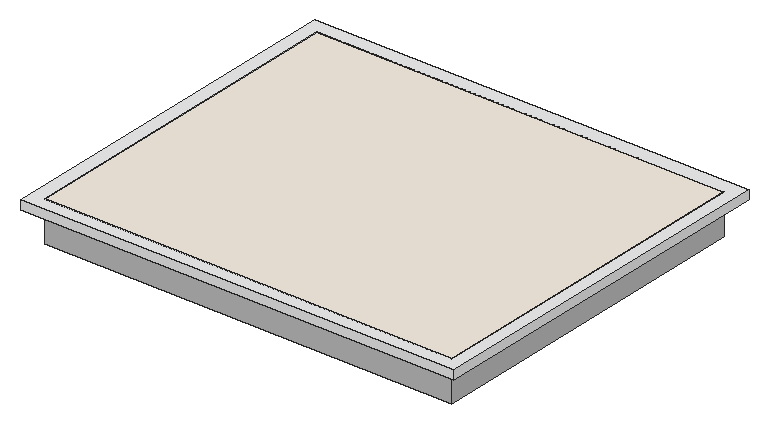
Revit family "Lighting-Industriale-GEWISS-ELIA-HL-LED_RIFLETTORE", category Apparecchi per illuminazione, host Superficie, Revit 2019 (continued)
Types (12, lengths in mm): name | Tensione | Scheda Tecnica | Potenza di sistema | Peso (kg): | Peso (kg) | Ottica | built-in parameter 1150142 | Lumen output (lm) | Modello | IDT | File diagramma fotometrico | Description
    9.22 2498.66 2401.49 \r\n2311.07 2224.04 2140.38 2060.11 1982.37 1908.01 1837.03 \r\n1768.59 1702.08 1638.20 1577.87 1519.56 1461.77 1405.91 \r\n1353.69 1303.33 1253.30 1204.13 1154.86 1107.29 1063.60 \r\n1022.28 981.97 943.53 907.78 873.73 840.44 808.24 777.48 \r\n748.08 719.60 692.39 666.62 642.28 619.30 597.41 576.46 \r\n556.01 535.56 515.37 495.17 475.57 457.57 440.75 425.80 \r\n411.35 396.39 380.84 363.77 347.04 332.34 318.82 306.23 \r\n294.40 282.91 271.75 261.10 251.73 244.80 239.05 233.39 \r\n227.73 222.32 215.39 204.07 191.39 180.49 169.46 157.63 \r\n144.89 130.60 115.60 100.43 85.37 70.87 57.02 43.80 31.96 \r\n22.22 14.54 9.24 5.75 3.57 2.87 \r\n12448.54 12447.69 12442.62 12435.02 12423.19 12407.98 \r\n12389.39 12369.11 12346.29 12320.94 12292.22 12261.79 \r\n12228.84 12192.50 12154.48 12115.61 12073.36 12030.26 \r\n11985.48 11936.47 11887.46 11837.60 11786.06 11731.13 \r\n11673.67 11613.68 11550.31 11482.70 11412.57 11340.74 \r\n11265.54 11187.80 11108.37 11025.56 10941.06 10858.25 \r\n10774.59 10689.25 10602.22 10513.49 10422.23 10329.28 \r\n10232.10 10126.48 10014.09 9897.48 9774.96 9649.06 \r\n9519.77 9388.79 9255.28 9120.08 8979.82 8833.63 8678.15 \r\n8510.84 8334.23 8148.33 7959.05 7767.24 7576.27 7389.52 \r\n7204.47 7021.95 6841.12 6661.13 6481.99 6303.70 6128.78 \r\n5960.63 5795.01 5630.23 5466.30 5304.91 5147.74 4995.64 \r\n4847.77 4703.27 4563.00 4424.42 4289.22 4157.40 4026.42 \r\n3896.30 3768.70 3639.41 3511.82 3385.91 3262.55 3141.71 \r\n3025.10 2914.40 2807.09 2700.62 2597.53 2496.13 2399.80 \r\n2308.54 2223.20 2138.69 2058.42 1981.52 1906.32 1835.34 \r\n1766.89 1699.97 1635.67 1575.08 1516.52 1458.55 1402.70 \r\n1350.48 1300.20 1250.43 1201.51 1152.50 1105.34 1061.91 \r\n1020.68 980.28 941.92 906.26 872.29 838.83 806.47 775.96 \r\n746.56 718.33 691.21 665.35 640.93 617.86 596.06 575.19 \r\n554.91 534.72 514.60 494.32 474.81 456.72 439.99 424.87 \r\n410.33 395.46 380.08 363.35 346.79 332.17 318.65 306.06 \r\n294.06 282.31 271.33 260.77 251.47 244.97 239.39 233.39 \r\n227.30 221.56 214.29 203.14 190.80 179.98 168.92 156.98 \r\n144.15 130.05 115.28 100.19 85.18 70.75 56.94 43.69 31.81 \r\n22.14 14.51 9.24 5.77 3.59 2.87 \r\n12448.54 12447.69 12442.62 12435.02 12423.19 12407.98 \r\n12389.39 12369.95 12346.29 12320.94 12293.90 12262.64 \r\n12229.68 12193.35 12155.32 12115.61 12075.05 12031.95 \r\n11987.17 11939.85 11889.99 11840.14 11788.59 11733.67 \r\n11676.21 11616.22 11552.84 11485.24 11415.10 11343.28 \r\n11267.23 11191.18 11111.75 11028.94 10945.28 10862.47 \r\n10778.82 10693.47 10606.44 10517.72 10427.30 10335.19 \r\n10237.17 10131.55 10019.16 9902.56 9781.72 9655.81 \r\n9527.38 9396.40 9263.73 9126.84 8987.42 8841.23 8684.91 \r\n8517.60 8340.99 8156.78 7966.66 7775.69 7586.41 7398.82 \r\n7213.76 7029.55 6847.03 6667.05 6487.91 6310.46 6134.70 \r\n5966.55 5800.92 5635.30 5472.22 5310.82 5152.81 4999.86 \r\n4850.30 4705.80 4563.85 4425.27 4289.22 4155.71 4024.73 \r\n3895.45 3766.16 3638.57 3510.97 3385.07 3260.85 3140.86 \r\n3024.25 2913.56 2806.24 2700.62 2596.68 2496.13 2398.95 \r\n2308.54 2221.50 2137.85 2057.57 1980.68 1905.47 1833.65 \r\n1765.20 1698.45 1633.81 1572.71 1513.90 1455.77 1399.83 \r\n1347.69 1297.50 1247.98 1199.22 1150.64 1103.91 1060.64 \r\n1019.41 979.10 940.65 905.08 871.11 837.56 805.20 774.70 \r\n745.54 717.32 690.37 664.51 639.83 616.85 594.96 574.18 \r\n554.07 534.04 514.18 493.90 474.21 456.22 439.32 424.11 \r\n409.40 394.53 379.40 362.93 346.70 332.25 318.65 305.89 \r\n293.81 281.98 270.82 260.51 251.47 245.13 239.56 233.30 \r\n226.88 220.71 213.19 202.21 190.12 179.39 168.27 156.22 \r\n143.30 129.40 114.89 99.89 84.91 70.54 56.78 43.51 31.62 \r\n22.01 14.46 9.22 5.78 3.61 2.88 \r\n12448.54 12447.69 12443.47 12435.02 12424.03 12408.82 \r\n12390.23 12369.95 12347.98 12322.63 12293.90 12263.48 \r\n12230.53 12195.04 12157.01 12117.30 12076.74 12034.49 \r\n11988.86 11941.54 11893.37 11843.52 11791.13 11736.20 \r\n11678.74 11618.75 11554.53 11486.93 11417.64 11345.81 \r\n11270.61 11193.72 11115.13 11033.16 10949.51 10866.70 \r\n10783.89 10698.54 10612.35 10523.63 10433.22 10340.26 \r\n10243.93 10137.47 10025.92 9910.16 9789.32 9663.42 \r\n9535.82 9404.85 9271.34 9135.29 8995.02 8847.99 8693.36 \r\n8525.20 8349.44 8165.23 7975.95 7785.83 7595.70 7408.96 \r\n7222.22 7037.16 6854.64 6673.81 6494.67 6315.53 6140.61 \r\n5972.46 5807.68 5641.22 5477.29 5315.89 5157.88 5004.09 \r\n4854.52 4708.34 4565.53 4425.27 4288.38 4154.86 4022.20 \r\n3892.91 3764.47 3636.03 3509.28 3383.38 3260.85 3140.02 \r\n3023.41 2913.56 2806.24 2701.46 2597.53 2495.28 2398.95 \r\n2308.54 2221.50 2137.85 2057.57 1979.84 1905.47 1832.80 \r\n1763.51 1696.76 1632.37 1570.94 1511.70 1453.40 1397.38 \r\n1345.32 1295.30 1245.78 1197.20 1149.20 1102.89 1059.71 \r\n1018.65 978.34 939.98 904.32 870.35 836.63 804.19 773.77 \r\n744.70 716.73 689.94 663.92 639.16 616.00 594.03 573.33 \r\n553.31 533.53 513.84 493.65 473.96 455.88 438.98 423.43 \r\n408.56 393.69 378.64 362.50 346.70 332.34 318.90 305.97 \r\n293.72 281.72 270.40 260.09 251.39 245.22 239.90 233.39 \r\n226.46 219.78 212.01 201.19 189.45 178.72 167.61 155.36 \r\n142.35 128.68 114.44 99.52 84.58 70.24 56.51 43.26 31.38 \r\n21.85 14.39 9.20 5.78 3.62 2.89 \r\n12448.54 12447.69 12443.47 12435.02 12424.03 12408.82 \r\n12391.08 12370.80 12347.98 12322.63 12295.59 12265.17 \r\n12231.37 12195.04 12158.70 12119.83 12079.27 12037.02 \r\n11991.39 11945.76 11895.91 11846.06 11793.66 11738.74 \r\n11681.28 11620.44 11557.06 11490.31 11420.17 11348.35 \r\n11273.99 11197.09 11119.35 11037.39 10954.58 10872.61 \r\n10788.96 10704.46 10618.27 10529.54 10439.13 10346.18 \r\n10249.85 10143.38 10032.68 9916.92 9797.77 9672.72 \r\n9544.27 9414.14 9279.79 9143.74 9003.47 8856.44 8700.97 \r\n8533.65 8357.89 8173.68 7985.25 7795.97 7606.69 7418.25 \r\n7230.66 7044.76 6860.55 6678.88 6499.74 6322.29 6147.37 \r\n5979.22 5812.75 5646.29 5482.36 5321.81 5163.80 5009.16 \r\n4857.90 4710.03 4566.38 4425.27 4287.53 4152.33 4020.51 \r\n3890.38 3761.94 3635.19 3508.44 3382.53 3260.01 3139.17 \r\n3022.56 2913.56 2807.09 2701.46 2596.68 2496.13 2398.95 \r\n2308.54 2222.35 2138.69 2058.42 1980.68 1905.47 1832.80 \r\n1763.51 1695.91 1631.61 1569.67 1510.01 1451.54 1395.52 \r\n1343.38 1293.44 1244.01 1195.67 1148.02 1102.22 1059.21 \r\n1018.14 977.92 939.47 903.90 869.84 836.04 803.59 773.17 \r\n744.19 716.39 689.69 663.58 638.74 615.33 593.44 572.74 \r\n552.71 533.11 513.59 493.56 473.88 455.79 438.72 423.01 \r\n407.88 392.92 377.97 362.25 346.79 332.68 319.24 306.14 \r\n293.55 281.38 269.98 259.84 251.39 245.39 239.98 233.39 \r\n226.12 218.94 210.74 200.10 188.60 177.96 166.84 154.44 \r\n141.33 127.88 113.91 99.08 84.17 69.88 56.18 42.93 31.10 \r\n21.67 14.31 9.17 5.77 3.62 2.90 \r\n12448.54 12447.69 12443.47 12435.02 12424.03 12409.67 \r\n12391.92 12371.64 12349.67 12324.32 12296.44 12265.17 \r\n12231.37 12196.73 12159.55 12121.52 12081.81 12039.56 \r\n11994.77 11948.30 11899.29 11849.43 11797.04 11741.27 \r\n11682.97 11622.97 11558.75 11492.00 11422.71 11350.88 \r\n11278.22 11202.16 11123.58 11041.61 10959.65 10877.68 \r\n10794.88 10710.38 10623.34 10535.46 10445.04 10352.94 \r\n10254.92 10150.14 10039.44 9924.52 9805.38 9681.16 \r\n9553.57 9422.59 9288.24 9153.04 9011.92 8865.74 8710.26 \r\n8542.95 8367.19 8183.82 7996.23 7807.80 7618.52 7428.39 \r\n7240.80 7052.37 6866.47 6684.80 6505.65 6328.20 6153.29 \r\n5985.13 5818.67 5653.05 5488.27 5327.72 5169.71 5013.38 \r\n4862.13 4713.41 4568.07 4425.27 4286.68 4150.64 4017.97 \r\n3887.84 3759.40 3632.65 3506.75 3381.69 3258.32 3138.33 \r\n3022.56 2913.56 2807.93 2702.31 2598.38 2496.97 2399.80 \r\n2308.54 2222.35 2138.69 2059.26 1980.68 1905.47 1832.80 \r\n1763.51 1696.76 1631.19 1568.91 1508.75 1450.19 1394.08 \r\n1341.94 1291.92 1242.57 1194.32 1147.26 1101.80 1059.04 \r\n1017.89 977.83 939.39 903.73 869.59 835.70 803.17 772.75 \r\n743.94 716.39 689.69 663.58 638.40 614.99 592.94 572.15 \r\n552.21 532.86 513.51 493.56 474.04 455.96 438.72 422.67 \r\n407.12 392.16 377.29 362.00 347.04 333.10 319.66 306.40 \r\n293.64 281.13 269.64 259.67 251.30 245.56 240.15 233.30 \r\n225.70 218.01 209.56 199.08 187.84 177.20 166.06 153.46 \r\n140.23 127.01 113.31 98.58 83.71 69.44 55.77 42.57 30.80 \r\n21.47 14.21 9.13 5.76 3.63 2.90 \r\n12448.54 12447.69 12443.47 12435.02 12424.03 12409.67 \r\n12391.92 12371.64 12349.67 12325.17 12298.13 12266.02 \r\n12233.06 12199.26 12162.08 12124.06 12084.34 12042.09 \r\n11998.16 11951.68 11903.51 11852.81 11799.58 11744.66 \r\n11686.35 11625.51 11561.29 11495.38 11425.24 11354.26 \r\n11280.75 11206.39 11127.81 11046.68 10964.72 10883.60 \r\n10800.79 10715.44 10629.25 10541.38 10451.81 10358.85 \r\n10261.68 10156.90 10045.36 9932.13 9813.83 9690.46 \r\n9562.86 9431.89 9298.38 9161.49 9021.22 8875.03 8719.56 \r\n8552.24 8376.48 8193.97 8006.37 7818.78 7629.50 7439.38 \r\n7249.25 7059.97 6873.23 6690.71 6510.72 6333.27 6159.20 \r\n5991.05 5825.43 5658.97 5493.34 5332.80 5174.78 5017.61 \r\n4864.66 4715.10 4568.07 4425.27 4284.99 4148.10 4014.59 \r\n3885.31 3756.87 3630.12 3505.06 3380.84 3257.47 3137.48 \r\n3021.72 2913.56 2807.93 2702.31 2599.22 2497.82 2400.64 \r\n2309.38 2223.20 2140.38 2060.11 1982.37 1905.47 1832.80 \r\n1763.51 1696.34 1631.27 1568.57 1507.99 1449.26 1393.24 \r\n1340.93 1290.82 1241.47 1193.39 1146.75 1101.80 1059.12 \r\n1018.06 977.92 939.56 903.81 869.59 835.62 803.09 772.75 \r\n743.94 716.48 689.94 663.75 638.48 614.82 592.60 571.81 \r\n551.95 532.60 513.51 493.73 474.30 456.22 438.89 422.42 \r\n406.61 391.40 376.70 361.74 347.21 333.52 320.09 306.65 \r\n293.64 280.96 269.47 259.50 251.22 245.56 240.32 233.22 \r\n225.28 217.16 208.29 197.98 187.00 176.35 165.19 152.40 \r\n139.08 126.09 112.66 98.00 83.16 68.94 55.29 42.16 30.47 \r\n21.26 14.11 9.08 5.74 3.63 2.91 \r\n12448.54 12447.69 12443.47 12435.86 12424.88 12409.67 \r\n12391.92 12372.49 12351.36 12326.86 12298.13 12267.71 \r\n12234.75 12200.11 12163.77 12126.59 12086.88 12044.63 \r\n12000.69 11955.06 11906.89 11856.19 11802.96 11747.19 \r\n11688.88 11628.04 11563.82 11497.07 11428.62 11357.64 \r\n11284.97 11208.92 11132.03 11052.60 10969.79 10888.67 \r\n10806.70 10721.36 10635.17 10547.29 10457.72 10365.61 \r\n10268.44 10162.81 10052.97 9940.58 9822.28 9699.75 \r\n9572.16 9441.18 9307.67 9171.63 9029.67 8883.48 8728.85 \r\n8562.38 8386.63 8204.10 8016.51 7829.77 7641.33 7449.52 \r\n7258.55 7066.73 6878.30 6695.78 6514.95 6338.34 6164.27 \r\n5996.97 5830.50 5664.03 5499.26 5337.86 5179.00 5021.83 \r\n4868.05 4715.94 4568.91 4424.42 4283.30 4146.41 4012.06 \r\n3881.08 3753.49 3627.58 3503.37 3379.15 3255.78 3136.64 \r\n3021.72 2913.56 2808.78 2704.00 2600.06 2499.51 2402.34 \r\n2311.92 2224.88 2141.23 2061.80 1983.21 1907.16 1834.49 \r\n1764.36 1696.59 1631.78 1568.57 1507.73 1448.84 1392.73 \r\n1340.34 1290.15 1240.71 1192.80 1146.58 1101.96 1059.38 \r\n1018.39 978.26 939.98 904.15 869.84 835.87 803.26 772.92 \r\n744.19 716.73 690.37 664.09 638.65 614.82 592.43 571.56 \r\n551.70 532.52 513.51 493.99 474.72 456.55 439.15 422.33 \r\n406.02 390.81 376.11 361.58 347.46 333.94 320.68 307.07 \r\n293.81 280.88 269.13 259.33 251.22 245.56 240.40 233.05 \r\n224.77 216.24 207.11 196.80 186.07 175.46 164.23 151.31 \r\n137.90 125.10 111.94 97.36 82.56 68.36 54.76 41.71 30.12 \r\n21.04 14.01 9.03 5.72 3.63 2.91 \r\n12448.54 12447.69 12442.62 12435.86 12424.88 12410.51 \r\n12392.77 12374.18 12352.21 12326.86 12298.97 12268.56 \r\n12236.44 12201.80 12166.31 12129.13 12089.41 12048.01 \r\n12003.22 11958.44 11910.27 11858.73 11805.49 11749.72 \r\n11691.42 11629.73 11566.36 11499.60 11432.00 11361.87 \r\n11288.35 11213.99 11137.10 11056.82 10975.70 10895.43 \r\n10812.62 10728.12 10641.08 10554.05 10464.48 10371.53 \r\n10275.20 10170.42 10060.57 9948.18 9831.57 9708.20 \r\n9581.45 9451.32 9316.97 9180.92 9038.97 8892.78 8738.14 \r\n8571.68 8396.76 8215.09 8028.34 7841.60 7653.16 7460.50 \r\n7266.15 7073.49 6883.37 6700.00 6519.17 6342.57 6169.34 \r\n6001.19 5835.57 5668.26 5502.64 5342.09 5184.07 5026.06 \r\n4870.58 4717.63 4568.91 4424.42 4281.61 4143.88 4008.68 \r\n3877.70 3750.11 3624.20 3500.83 3376.62 3254.94 3135.80 \r\n3020.87 2913.56 2809.62 2704.84 2601.75 2500.35 2404.02 \r\n2312.76 2226.57 2142.92 2063.49 1984.06 1908.85 1835.34 \r\n1765.20 1698.11 1632.62 1569.08 1507.82 1448.84 1392.81 \r\n1340.17 1289.89 1240.38 1192.55 1146.58 1102.56 1059.97 \r\n1018.82 978.85 940.48 904.57 870.18 836.13 803.59 773.26 \r\n744.44 717.24 690.79 664.51 639.07 614.99 592.34 571.30 \r\n551.45 532.43 513.59 494.24 475.23 457.06 439.48 422.25 \r\n405.68 390.22 375.69 361.49 347.72 334.45 321.10 307.41 \r\n293.81 280.79 268.96 259.16 251.13 245.56 240.32 232.80 \r\n224.35 215.39 205.84 195.79 185.14 174.57 163.23 150.18 \r\n136.70 124.09 111.13 96.65 81.90 67.74 54.18 41.24 29.77 \r\n20.82 13.90 8.98 5.69 3.62 2.92 \r\n12448.54 12447.69 12442.62 12435.86 12424.88 12410.51 \r\n12392.77 12374.18 12353.06 12327.70 12300.66 12270.24 \r\n12237.29 12203.49 12168.00 12130.82 12091.10 12049.70 \r\n12006.60 11960.97 11912.81 11862.11 11808.87 11752.26 \r\n11694.80 11633.11 11568.89 11502.98 11434.54 11365.25 \r\n11292.58 11218.22 11141.32 11062.74 10981.62 10900.50 \r\n10818.53 10734.03 10647.00 10559.97 10470.39 10378.29 \r\n10281.11 10177.18 10067.33 9956.63 9840.02 9717.50 \r\n9590.75 9460.62 9327.11 9190.22 9048.26 8902.07 8748.28 \r\n8581.82 8407.75 8225.23 8039.33 7852.58 7664.15 7470.64 \r\n7275.45 7081.10 6888.44 6704.23 6523.40 6346.80 6174.41 \r\n6005.41 5838.95 5671.64 5506.86 5346.31 5186.61 5028.59 \r\n4872.27 4718.48 4568.91 4422.73 4279.92 4140.50 4005.30 \r\n3874.32 3746.73 3621.67 3499.14 3374.93 3253.25 3134.95 \r\n3020.87 2913.56 2810.47 2705.69 2602.60 2501.20 2404.87 \r\n2314.45 2228.26 2144.61 2064.34 1985.75 1909.70 1837.03 \r\n1766.05 1699.29 1633.81 1570.01 1508.41 1449.43 1393.24 \r\n1340.59 1290.06 1240.38 1192.46 1146.92 1103.15 1060.64 \r\n1019.49 979.52 941.25 905.25 870.69 836.63 804.10 773.68 \r\n744.95 717.74 691.38 665.01 639.50 615.24 592.34 571.30 \r\n551.36 532.27 513.59 494.58 475.73 457.65 439.91 422.25 \r\n405.35 389.80 375.10 361.32 348.06 334.79 321.61 307.75 \r\n293.98 280.79 268.79 258.99 251.05 245.47 240.15 232.54 \r\n223.84 214.55 204.74 194.60 184.29 173.61 162.19 149.02 \r\n135.47 123.02 110.28 95.88 81.18 67.06 53.56 40.74 29.42 \r\n20.62 13.80 8.93 5.66 3.62 2.92 \r\n12448.54 12447.69 12442.62 12435.86 12424.88 12410.51 \r\n12393.61 12375.02 12353.90 12329.39 12301.51 12271.09 \r\n12238.13 12204.33 12168.84 12132.51 12092.79 12051.39 \r\n12008.29 11962.66 11914.50 11863.80 11810.56 11753.95 \r\n11696.49 11634.81 11571.43 11505.52 11437.92 11367.78 \r\n11295.96 11222.44 11145.55 11066.97 10985.84 10905.57 \r\n10822.76 10738.26 10652.07 10564.19 10474.62 10382.51 \r\n10286.18 10183.09 10073.24 9962.55 9846.78 9725.10 \r\n9597.51 9468.22 9334.72 9197.82 9056.71 8911.37 8756.73 \r\n8591.96 8417.89 8236.22 8049.47 7862.72 7672.60 7477.40 \r\n7281.36 7084.48 6890.97 6704.23 6524.24 6346.80 6174.41 \r\n6005.41 5838.95 5671.64 5506.02 5344.63 5185.77 5026.90 \r\n4869.73 4715.94 4565.53 4419.35 4277.39 4137.12 4001.07 \r\n3869.25 3740.81 3616.60 3494.07 3370.70 3249.87 3132.41 \r\n3019.18 2911.87 2808.78 2704.00 2602.60 2502.89 2406.56 \r\n2316.14 2229.11 2146.30 2066.87 1988.28 1912.23 1839.56 \r\n1769.43 1701.75 1636.68 1572.97 1511.70 1452.89 1396.70 \r\n1343.47 1292.43 1242.32 1194.15 1148.36 1104.58 1061.91 \r\n1020.68 980.54 942.17 906.09 871.45 837.56 805.03 774.61 \r\n745.80 718.50 692.05 665.78 640.26 615.84 592.85 571.56 \r\n551.36 532.10 513.42 494.75 476.41 458.24 440.41 422.50 \r\n405.26 389.71 375.18 361.41 348.14 335.04 321.78 307.92 \r\n294.23 281.05 268.96 258.99 250.80 245.05 239.56 231.87 \r\n223.33 213.95 203.98 193.76 183.20 172.52 161.04 147.86 \r\n134.30 121.83 109.10 94.78 80.20 66.21 52.87 40.29 29.19 \r\n20.51 13.76 8.91 5.64 3.60 2.90 \r\n12448.54 12447.69 12442.62 12435.86 12424.88 12411.36 \r\n12393.61 12375.02 12354.74 12330.24 12303.20 12271.93 \r\n12240.67 12206.02 12170.53 12133.35 12094.48 12053.92 \r\n12009.98 11964.35 11917.03 11865.49 11813.10 11756.48 \r\n11699.02 11637.34 11573.97 11508.90 11440.45 11372.01 \r\n11300.18 11226.67 11150.62 11072.03 10991.76 10910.64 \r\n10827.83 10742.48 10656.29 10568.41 10479.69 10387.58 \r\n10291.25 10187.32 10079.16 9968.47 9852.70 9731.02 \r\n9605.11 9474.98 9342.32 9204.58 9063.47 8918.13 8766.03 \r\n8602.10 8428.03 8246.35 8059.61 7872.02 7681.05 7485.85 \r\n7287.28 7088.70 6893.51 6705.92 6524.24 6347.64 6175.26 \r\n6005.41 5838.10 5670.80 5504.33 5342.09 5183.23 5023.52 \r\n4867.20 4712
